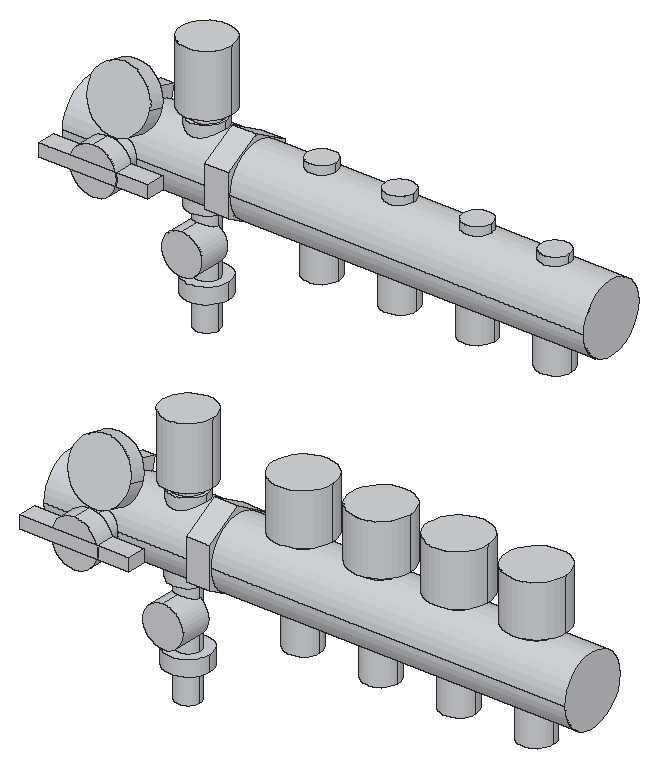
Revit family "318_dba5bdd3bf904ccfaea6eb69f10d76", category Pipe Accessories, Revit 2017
Family settings
  Round Connector Dimension = Use Diameter
  Part Type = Valve - Normal
  Work Plane-Based = No
  Always vertical = Yes
  Cut with Voids When Loaded = No
  Shared = No
Parameters (values of type "R553DK104")
  magi_piping_qv_2_4 [instance] = 0.0 L/s
  magi_piping_qv_2_3 [instance] = 0.0 L/s
  magi_piping_qv_2_2 [instance] = 0.0 L/s
  magi_piping_qv_2_1 [instance] = 0.0 L/s
  magi_piping_qv_1_4 [instance] = 0.0 L/s
  magi_piping_qv_1_3 [instance] = 0.0 L/s
  magi_piping_qv_1_2 [instance] = 0.0 L/s
  magi_piping_qv_1_1 [instance] = 0.0 L/s
  magi_piping_qv [instance] = 0.0 L/s
  magi_piping_power_4 [instance] = 0 W
  magi_piping_power_3 [instance] = 0 W
  magi_piping_power_2 [instance] = 0 W
  magi_piping_power_1 [instance] = 0 W
  magi_piping_kv_4 [instance] = 0
  magi_piping_kv_3 [instance] = 0
  magi_piping_kv_2 [instance] = 0
  magi_piping_kv_1 [instance] = 0
  magi_piping_dpTot_4 [instance] = 0.0 Pa
  magi_piping_dpTot_3 [instance] = 0.0 Pa
  magi_piping_dpTot_2 [instance] = 0.0 Pa
  magi_piping_dpTot_1 [instance] = 0.0 Pa
  magi_adjustmentValue_4 [instance] = ""
  magi_adjustmentValue_3 [instance] = ""
  magi_adjustmentValue_2 [instance] = ""
  magi_adjustmentValue_1 [instance] = ""
  magiProductId = "dba5bdd3bf904ccfaea6eb69f10d76"
  magiProductFamilyId = "dba5bdd3bf904ccfaea6eb69f10d76"
  magiProductCode = "R553DK104"
  magiPartTypeId = 318
  Y = 15 mm
  VersionID = "2.0/2016.10.37.0/GIACOMINI_R553DK_001"
  URL = "http://www.giacomini.com/en"
  SMP = 25 mm
  SBP9 = 18 mm
  SBP8 = 18 mm
  SBP7 = 18 mm
  SBP6 = 18 mm
  SBP5 = 18 mm
  SBP4 = 18 mm
  SBP3 = 18 mm
  SBP2 = 18 mm
  SBP12 = 18 mm
  SBP11 = 18 mm
  SBP10 = 18 mm
  SBP1 = 18 mm
  RMP = 25 mm
  RBP9 = 18 mm
  RBP8 = 18 mm
  RBP7 = 18 mm
  RBP6 = 18 mm
  RBP5 = 18 mm
  RBP4 = 18 mm
  RBP3 = 18 mm
  RBP2 = 18 mm
  RBP12 = 18 mm
  RBP11 = 18 mm
  RBP10 = 18 mm
  RBP1 = 18 mm
  R2 = 22 mm
  QmdConnectorList = "321;SMP;322;SBP1;323;SBP2;324;SBP3;325;SBP4;351;RMP;352;RBP1;353;RBP2;354;RBP3;355;RBP4"
  Productdata [instance] = "© Progman Oy, all rights reserved"
  N9 = no
  N8 = no
  N7 = no
  N6 = no
  N5 = no
  N4 = yes
  N3 = yes
  N12 = no
  N11 = no
  N10 = no
  Manufacturer = "Giacomini"
  MC_Default_elevation = 0 mm
  L = 335 mm
  I = 50 mm
  H5 = 33 mm
  H4 = 5 mm
  H3__ve = -H3  # -40 mm
  H3 = 40 mm
  H11 = 5 mm
  Flow supply main [instance] = Flow supply 1 + Flow supply 2 + Flow supply 3 + Flow supply 4  # 0.0 L/s
  Flow supply 4 [instance] = 0.0 L/s
  Flow supply 3 [instance] = 0.0 L/s
  Flow supply 2 [instance] = 0.0 L/s
  Flow supply 1 [instance] = 0.0 L/s
  Flow return main [instance] = Flow return 1 + Flow return 2 + Flow return 3 + Flow return 4  # 0.0 L/s
  Flow return 4 [instance] = 0.0 L/s
  Flow return 3 [instance] = 0.0 L/s
  Flow return 2 [instance] = 0.0 L/s
  Flow return 1 [instance] = 0.0 L/s
  E = 208 mm
  Description = "PREASSEMBLED MANIFOLD KIT"
  D5 = 38 mm
  D4 = 22 mm
  D31 = 18 mm
  D2 = 44 mm
  CAT0 = yes
  A = 149 mm
Reference planes
  plane 1 "Center (Front/Back)": y = 0
  plane 2 "XYPLANE": z = 0
  plane 3 "Center (Left/Right)": x = 0
  plane 4 "INIT_TEMP": y = 100
  plane 5 "379": x = 699
  plane 6 "378": x = 649
  plane 7 "377": x = 599
  plane 8 "376": x = 549
  plane 9 "375": x = 499
  plane 10 "374": x = 449
  plane 11 "373": x = 399
  plane 12 "372": x = 349
  plane 13 "371": x = 299
  plane 14 "369": x = 249
  plane 15 "368": x = 199
  plane 16 "367": x = 149
  plane 17 "366": z = 22
  plane 18 "365": z = 0
  plane 19 "364": z = -208
  plane 20 "363": y = -15
  plane 21 "362": y = 0
  plane 22 "361": x = 0
  plane 23 "360": z = -40
  plane 24 "359": z = -186
  plane 25 "358": z = -181
  plane 26 "357": z = -248
  plane 27 "356": x = 75
  plane 28 "355": z = 26
  plane 29 "354": x = 92
  plane 30 "353": z = 31
  plane 31 "352": z = -26
  plane 32 "351": z = -46
  plane 33 "350": z = -66
  plane 34 "349": z = 30
  plane 35 "348": x = 38
  plane 36 "347": y = -33
  plane 37 "346": z = 30
  plane 38 "345": y = -15
  plane 39 "344": z = -182
  plane 40 "343": z = -177
  plane 41 "342": z = -234
  plane 42 "341": z = -254
  plane 43 "340": z = -274
  plane 44 "339": z = -178
  plane 45 "338": y = -30
  plane 46 "337": z = -178
  plane 47 "336": y = -48
  plane 48 "1055": through (-712, 0, 30) normal (0, 0.2588, 0.9659)
  plane 49 "1056": through (-712, -15, 30) normal (0, -0.9659, 0.2588)
  plane 50 "1057": through (-712, -30, -178) normal (0, 0.9659, -0.2588)
  plane 51 "1058": through (-712, -15, -178) normal (0, -0.2588, -0.9659)
Forms (mm)
  Extrusion 1, solid, visible <- "N12"
    sketch origin (-750, 0, 22) x (1, 0, 0) y (0, 1, 0)
      loop
        circle (1449, 0) r 9
    from 0 to 5 <- "H11"
  Extrusion 2, solid, visible <- "N11"
    sketch origin (-750, 0, 22) x (1, 0, 0) y (0, 1, 0)
      loop
        circle (1399, 0) r 9
    from 0 to 5 <- "H11"
  Extrusion 3, solid, visible <- "N9"
    sketch origin (-750, 0, 22) x (1, 0, 0) y (0, 1, 0)
      loop
        circle (1299, 0) r 9
    from 0 to 5 <- "H11"
  Extrusion 4, solid, visible <- "N10"
    sketch origin (-750, 0, 22) x (1, 0, 0) y (0, 1, 0)
      loop
        circle (1349, 0) r 9
    from 0 to 5 <- "H11"
  Extrusion 5, solid, visible <- "N8"
    sketch origin (-750, 0, 22) x (1, 0, 0) y (0, 1, 0)
      loop
        circle (1249, 0) r 9
    from 0 to 5 <- "H11"
  Extrusion 6, solid, visible <- "N7"
    sketch origin (-750, 0, 22) x (1, 0, 0) y (0, 1, 0)
      loop
        circle (1199, 0) r 9
    from 0 to 5 <- "H11"
  Extrusion 7, solid, visible <- "N6"
    sketch origin (-750, 0, 22) x (1, 0, 0) y (0, 1, 0)
      loop
        circle (1149, 0) r 9
    from 0 to 5 <- "H11"
  Extrusion 8, solid, visible <- "N5"
    sketch origin (-750, 0, 22) x (1, 0, 0) y (0, 1, 0)
      loop
        circle (1099, 0) r 9
    from 0 to 5 <- "H11"
  Extrusion 9, solid, visible <- "N4"
    sketch origin (-750, 0, 22) x (1, 0, 0) y (0, 1, 0)
      loop
        circle (1049, 0) r 9
    from 0 to 5 <- "H11"
  Extrusion 10, solid, visible <- "N3"
    sketch origin (-750, 0, 22) x (1, 0, 0) y (0, 1, 0)
      loop
        circle (999, 0) r 9
    from 0 to 5 <- "H11"
  Extrusion 11, solid
    sketch origin (-750, 0, 22) x (1, 0, 0) y (0, 1, 0)
      loop
        circle (949, 0) r 9
    from 0 to 5 <- "H11"
  Extrusion 12, solid
    sketch origin (-750, 0, 22) x (1, 0, 0) y (0, 1, 0)
      loop
        circle (899, 0) r 9
    from 0 to 5 <- "H11"
  Extrusion 13, solid, visible <- "CAT0"
    sketch origin (0, -750, 0) x (0, 1, 0) y (0, 0, 1)
      loop
        circle (750, 0) r 22
    from 0 to 335 <- "L"
  Extrusion 14, solid
    sketch origin (-750, 0, 0) x (1, 0, 0) y (0, 1, 0)
      loop
        circle (899, 0) r 11
    from 0 to -40 <- "H3__ve"
  Extrusion 15, solid
    sketch origin (-750, 0, 0) x (1, 0, 0) y (0, 1, 0)
      loop
        circle (949, 0) r 11
    from 0 to -40 <- "H3__ve"
  Extrusion 16, solid, visible <- "N3"
    sketch origin (-750, 0, 0) x (1, 0, 0) y (0, 1, 0)
      loop
        circle (999, 0) r 11
    from 0 to -40 <- "H3__ve"
  Extrusion 17, solid, visible <- "N4"
    sketch origin (-750, 0, 0) x (1, 0, 0) y (0, 1, 0)
      loop
        circle (1049, 0) r 11
    from 0 to -40 <- "H3__ve"
  Extrusion 18, solid, visible <- "N5"
    sketch origin (-750, 0, 0) x (1, 0, 0) y (0, 1, 0)
      loop
        circle (1099, 0) r 11
    from 0 to -40 <- "H3__ve"
  Extrusion 19, solid, visible <- "N6"
    sketch origin (-750, 0, 0) x (1, 0, 0) y (0, 1, 0)
      loop
        circle (1149, 0) r 11
    from 0 to -40 <- "H3__ve"
  Extrusion 20, solid, visible <- "N7"
    sketch origin (-750, 0, 0) x (1, 0, 0) y (0, 1, 0)
      loop
        circle (1199, 0) r 11
    from 0 to -40 <- "H3__ve"
  Extrusion 21, solid, visible <- "N12"
    sketch origin (-750, 0, 0) x (1, 0, 0) y (0, 1, 0)
      loop
        circle (1449, 0) r 11
    from 0 to -40 <- "H3__ve"
  Extrusion 22, solid, visible <- "N11"
    sketch origin (-750, 0, 0) x (1, 0, 0) y (0, 1, 0)
      loop
        circle (1399, 0) r 11
    from 0 to -40 <- "H3__ve"
  Extrusion 23, solid, visible <- "N10"
    sketch origin (-750, 0, 0) x (1, 0, 0) y (0, 1, 0)
      loop
        circle (1349, 0) r 11
    from 0 to -40 <- "H3__ve"
  Extrusion 24, solid, visible <- "N9"
    sketch origin (-750, 0, 0) x (1, 0, 0) y (0, 1, 0)
      loop
        circle (1299, 0) r 11
    from 0 to -40 <- "H3__ve"
  Extrusion 25, solid, visible <- "N8"
    sketch origin (-750, 0, 0) x (1, 0, 0) y (0, 1, 0)
      loop
        circle (1249, 0) r 11
    from 0 to -40 <- "H3__ve"
  Extrusion 26, solid, visible <- "CAT0"
    sketch origin (0, -750, 0) x (0, 1, 0) y (0, 0, 1)
      loop
        circle (735, -208) r 22
    from 0 to 335 <- "L"
  Extrusion 27, solid
    sketch origin (-750, 0, -208) x (1, 0, 0) y (0, 1, 0)
      loop
        circle (949, -15) r 11
    from 0 to -40 <- "H3__ve"
  Extrusion 28, solid
    sketch origin (-750, 0, -208) x (1, 0, 0) y (0, 1, 0)
      loop
        circle (899, -15) r 11
    from 0 to -40 <- "H3__ve"
  Extrusion 29, solid, visible <- "N3"
    sketch origin (-750, 0, -208) x (1, 0, 0) y (0, 1, 0)
      loop
        circle (999, -15) r 11
    from 0 to -40 <- "H3__ve"
  Extrusion 30, solid
    sketch origin (-750, 0, -186) x (1, 0, 0) y (0, 1, 0)
      loop
        circle (899, -15) r 11
    from 0 to 5 <- "H4"
  Extrusion 31, solid
    sketch origin (-750, 0, -181) x (1, 0, 0) y (0, 1, 0)
      loop
        circle (899, -15) r 19
    from 0 to 33 <- "H5"
  Extrusion 32, solid
    sketch origin (-750, 0, -181) x (1, 0, 0) y (0, 1, 0)
      loop
        circle (949, -15) r 19
    from 0 to 33 <- "H5"
  Extrusion 33, solid
    sketch origin (-750, 0, -186) x (1, 0, 0) y (0, 1, 0)
      loop
        circle (949, -15) r 11
    from 0 to 5 <- "H4"
  Extrusion 34, solid, visible <- "N3"
    sketch origin (-750, 0, -186) x (1, 0, 0) y (0, 1, 0)
      loop
        circle (999, -15) r 11
    from 0 to 5 <- "H4"
  Extrusion 35, solid, visible <- "N3"
    sketch origin (-750, 0, -181) x (1, 0, 0) y (0, 1, 0)
      loop
        circle (999, -15) r 19
    from 0 to 33 <- "H5"
  Extrusion 36, solid, visible <- "N4"
    sketch origin (-750, 0, -181) x (1, 0, 0) y (0, 1, 0)
      loop
        circle (1049, -15) r 19
    from 0 to 33 <- "H5"
  Extrusion 37, solid, visible <- "N4"
    sketch origin (-750, 0, -186) x (1, 0, 0) y (0, 1, 0)
      loop
        circle (1049, -15) r 11
    from 0 to 5 <- "H4"
  Extrusion 38, solid, visible <- "N4"
    sketch origin (-750, 0, -208) x (1, 0, 0) y (0, 1, 0)
      loop
        circle (1049, -15) r 11
    from 0 to -40 <- "H3__ve"
  Extrusion 39, solid, visible <- "N5"
    sketch origin (-750, 0, -208) x (1, 0, 0) y (0, 1, 0)
      loop
        circle (1099, -15) r 11
    from 0 to -40 <- "H3__ve"
  Extrusion 40, solid, visible <- "N5"
    sketch origin (-750, 0, -186) x (1, 0, 0) y (0, 1, 0)
      loop
        circle (1099, -15) r 11
    from 0 to 5 <- "H4"
  Extrusion 41, solid, visible <- "N5"
    sketch origin (-750, 0, -181) x (1, 0, 0) y (0, 1, 0)
      loop
        circle (1099, -15) r 19
    from 0 to 33 <- "H5"
  Extrusion 42, solid, visible <- "N6"
    sketch origin (-750, 0, -181) x (1, 0, 0) y (0, 1, 0)
      loop
        circle (1149, -15) r 19
    from 0 to 33 <- "H5"
  Extrusion 43, solid, visible <- "N6"
    sketch origin (-750, 0, -186) x (1, 0, 0) y (0, 1, 0)
      loop
        circle (1149, -15) r 11
    from 0 to 5 <- "H4"
  Extrusion 44, solid, visible <- "N6"
    sketch origin (-750, 0, -208) x (1, 0, 0) y (0, 1, 0)
      loop
        circle (1149, -15) r 11
    from 0 to -40 <- "H3__ve"
  Extrusion 45, solid, visible <- "N7"
    sketch origin (-750, 0, -208) x (1, 0, 0) y (0, 1, 0)
      loop
        circle (1199, -15) r 11
    from 0 to -40 <- "H3__ve"
  Extrusion 46, solid, visible <- "N7"
    sketch origin (-750, 0, -186) x (1, 0, 0) y (0, 1, 0)
      loop
        circle (1199, -15) r 11
    from 0 to 5 <- "H4"
  Extrusion 47, solid, visible <- "N7"
    sketch origin (-750, 0, -181) x (1, 0, 0) y (0, 1, 0)
      loop
        circle (1199, -15) r 19
    from 0 to 33 <- "H5"
  Extrusion 48, solid, visible <- "N9"
    sketch origin (-750, 0, -181) x (1, 0, 0) y (0, 1, 0)
      loop
        circle (1299, -15) r 19
    from 0 to 33 <- "H5"
  Extrusion 49, solid, visible <- "N9"
    sketch origin (-750, 0, -186) x (1, 0, 0) y (0, 1, 0)
      loop
        circle (1299, -15) r 11
    from 0 to 5 <- "H4"
  Extrusion 50, solid, visible <- "N9"
    sketch origin (-750, 0, -208) x (1, 0, 0) y (0, 1, 0)
      loop
        circle (1299, -15) r 11
    from 0 to -40 <- "H3__ve"
  Extrusion 51, solid, visible <- "N8"
    sketch origin (-750, 0, -208) x (1, 0, 0) y (0, 1, 0)
      loop
        circle (1249, -15) r 11
    from 0 to -40 <- "H3__ve"
  Extrusion 52, solid, visible <- "N8"
    sketch origin (-750, 0, -186) x (1, 0, 0) y (0, 1, 0)
      loop
        circle (1249, -15) r 11
    from 0 to 5 <- "H4"
  Extrusion 53, solid, visible <- "N8"
    sketch origin (-750, 0, -181) x (1, 0, 0) y (0, 1, 0)
      loop
        circle (1249, -15) r 19
    from 0 to 33 <- "H5"
  Extrusion 54, solid, visible <- "N11"
    sketch origin (-750, 0, -181) x (1, 0, 0) y (0, 1, 0)
      loop
        circle (1399, -15) r 19
    from 0 to 33 <- "H5"
  Extrusion 55, solid, visible <- "N11"
    sketch origin (-750, 0, -186) x (1, 0, 0) y (0, 1, 0)
      loop
        circle (1399, -15) r 11
    from 0 to 5 <- "H4"
  Extrusion 56, solid, visible <- "N11"
    sketch origin (-750, 0, -208) x (1, 0, 0) y (0, 1, 0)
      loop
        circle (1399, -15) r 11
    from 0 to -40 <- "H3__ve"
  Extrusion 57, solid, visible <- "N12"
    sketch origin (-750, 0, -208) x (1, 0, 0) y (0, 1, 0)
      loop
        circle (1449, -15) r 11
    from 0 to -40 <- "H3__ve"
  Extrusion 58, solid, visible <- "N12"
    sketch origin (-750, 0, -186) x (1, 0, 0) y (0, 1, 0)
      loop
        circle (1449, -15) r 11
    from 0 to 5 <- "H4"
  Extrusion 59, solid, visible <- "N12"
    sketch origin (-750, 0, -181) x (1, 0, 0) y (0, 1, 0)
      loop
        circle (1449, -15) r 19
    from 0 to 33 <- "H5"
  Extrusion 60, solid, visible <- "N10"
    sketch origin (-750, 0, -181) x (1, 0, 0) y (0, 1, 0)
      loop
        circle (1349, -15) r 19
    from 0 to 33 <- "H5"
  Extrusion 61, solid, visible <- "N10"
    sketch origin (-750, 0, -186) x (1, 0, 0) y (0, 1, 0)
      loop
        circle (1349, -15) r 11
    from 0 to 5 <- "H4"
  Extrusion 62, solid, visible <- "N10"
    sketch origin (-750, 0, -208) x (1, 0, 0) y (0, 1, 0)
      loop
        circle (1349, -15) r 11
    from 0 to -40 <- "H3__ve"
  Extrusion 63, solid
    sketch origin (-750, 0, 26) x (1, 0, 0) y (0, 1, 0)
      loop
        circle (825, 0) r 12
    from 0 to -52
  Extrusion 64, solid
    sketch origin (92, -750, 0) x (0, 1, 0) y (0, 0, 1)
      loop
        line (750, 26) -> (727.483, 13) -> (727.483, -13) -> (750, -26) -> (772.517, -13) -> (772.517, 13) -> (750, 26)
    from 0 to 15
  Extrusion 65, solid
    sketch origin (-750, 0, 26) x (1, 0, 0) y (0, 1, 0)
      loop
        circle (825, 0) r 10
    from 0 to 5
  Extrusion 66, solid
    sketch origin (-750, 0, 31) x (1, 0, 0) y (0, 1, 0)
      loop
        circle (825, 0) r 16
    from 0 to 40
  Extrusion 67, solid
    sketch origin (-750, 0, -26) x (1, 0, 0) y (0, 1, 0)
      loop
        circle (825, 0) r 7.5
    from 0 to -70
  Extrusion 68, solid
    sketch origin (750, 0, 0) x (-1, 0, 0) y (0, 0, 1)
      loop
        circle (675, -46) r 13
    from 0 to -20
  Extrusion 69, solid
    sketch origin (-750, 0, -66) x (1, 0, 0) y (0, 1, 0)
      loop
        circle (825, 0) r 14
    from 0 to -10
  Extrusion 70, solid
    sketch origin (750, -33, 0) x (-1, 0, 0) y (0, 0, 1)
      loop
        circle (712, 0) r 15
    from 0 to -12
  Extrusion 71, solid
    sketch origin (-712, 0, 30) x (1, 0, 0) y (0, 0.965926, -0.258819)
      loop
        line (746, 15) -> (746, -15) -> (754, -15) -> (754, 15) -> (746, 15)
    from 0 to -18
  Extrusion 72, solid
    sketch origin (750, 0, 0) x (-1, 0, 0) y (0, 0, 1)
      loop
        circle (712, 0) r 9
    from 0 to -33
  Extrusion 73, solid
    sketch origin (750, -33, 0) x (-1, 0, 0) y (0, 0, 1)
      loop
        line (677, 4) -> (677, -4) -> (747, -4) -> (747, 4) -> (677, 4)
    from 0 to -12
  Extrusion 74, solid
    sketch origin (-712, -15, 30) x (1, 0, 0) y (0, 0.258819, 0.965926)
      loop
        circle (750, 0) r 20
    from 0 to 10
  Extrusion 75, solid
    sketch origin (-750, 0, -274) x (1, 0, 0) y (0, 1, 0)
      loop
        circle (825, -15) r 14
    from 0 to -10
  Extrusion 76, solid
    sketch origin (750, -15, 0) x (-1, 0, 0) y (0, 0, 1)
      loop
        circle (675, -254) r 13
    from 0 to -20
  Extrusion 77, solid
    sketch origin (-750, 0, -234) x (1, 0, 0) y (0, 1, 0)
      loop
        circle (825, -15) r 7.5
    from 0 to -70
  Extrusion 78, solid
    sketch origin (-750, 0, -177) x (1, 0, 0) y (0, 1, 0)
      loop
        circle (825, -15) r 16
    from 0 to 40
  Extrusion 79, solid
    sketch origin (-750, 0, -182) x (1, 0, 0) y (0, 1, 0)
      loop
        circle (825, -15) r 10
    from 0 to 5
  Extrusion 80, solid
    sketch origin (92, -750, 0) x (0, 1, 0) y (0, 0, 1)
      loop
        line (735, -182) -> (712.483, -195) -> (712.483, -221) -> (735, -234) -> (757.517, -221) -> (757.517, -195) -> (735, -182)
    from 0 to 15
  Extrusion 81, solid
    sketch origin (-750, 0, -182) x (1, 0, 0) y (0, 1, 0)
      loop
        circle (825, -15) r 12
    from 0 to -52
  Extrusion 82, solid
    sketch origin (-712, -30, -178) x (1, 0, 0) y (0, -0.258819, -0.965926)
      loop
        circle (750, 0) r 20
    from 0 to -10
  Extrusion 83, solid
    sketch origin (750, -48, 0) x (-1, 0, 0) y (0, 0, 1)
      loop
        line (677, -204) -> (677, -212) -> (747, -212) -> (747, -204) -> (677, -204)
    from 0 to -12
  Extrusion 84, solid
    sketch origin (750, -15, 0) x (-1, 0, 0) y (0, 0, 1)
      loop
        circle (712, -208) r 9
    from 0 to -33
  Extrusion 85, solid
    sketch origin (-712, -15, -178) x (1, 0, 0) y (0, -0.965926, 0.258819)
      loop
        line (746, -15) -> (754, -15) -> (754, 15) -> (746, 15) -> (746, -15)
    from 0 to 18
  Extrusion 86, solid
    sketch origin (750, -48, 0) x (-1, 0, 0) y (0, 0, 1)
      loop
        circle (712, -208) r 15
    from 0 to -12
  Extrusion 87, solid, not visible
    sketch origin (-750, 0, -40) x (1, 0, 0) y (0, 1, 0)
      loop
        circle (949, 0) r 10
    from 0 to 10
  Extrusion 88, solid, not visible
    sketch origin (-750, 0, -40) x (1, 0, 0) y (0, 1, 0)
      loop
        circle (899, 0) r 10
    from 0 to 10
  Extrusion 89, solid, not visible
    sketch origin (0, -750, 0) x (0, 1, 0) y (0, 0, 1)
      loop
        circle (735, -208) r 10
    from 0 to 10
  Extrusion 90, solid, not visible
    sketch origin (0, -750, 0) x (0, 1, 0) y (0, 0, 1)
      loop
        circle (750, 0) r 10
    from 0 to 10
  Extrusion 91, solid, not visible
    sketch origin (-750, 0, -40) x (1, 0, 0) y (0, 1, 0)
      loop
        circle (999, 0) r 10
    from 0 to 10
  Extrusion 92, solid, not visible
    sketch origin (-750, 0, -40) x (1, 0, 0) y (0, 1, 0)
      loop
        circle (1049, 0) r 10
    from 0 to 10
  Extrusion 93, solid, not visible
    sketch origin (-750, 0, -248) x (1, 0, 0) y (0, 1, 0)
      loop
        circle (999, -15) r 10
    from 0 to 10
  Extrusion 94, solid, not visible
    sketch origin (-750, 0, -248) x (1, 0, 0) y (0, 1, 0)
      loop
        circle (899, -15) r 10
    from 0 to 10
  Extrusion 95, solid, not visible
    sketch origin (-750, 0, -248) x (1, 0, 0) y (0, 1, 0)
      loop
        circle (949, -15) r 10
    from 0 to 10
  Extrusion 96, solid, not visible
    sketch origin (-750, 0, -248) x (1, 0, 0) y (0, 1, 0)
      loop
        circle (1049, -15) r 10
    from 0 to 10
Text (mm)
  text "© Progman Oy, all rights reserved" at (-472.209, -2482.653, 0), in view "Ref. Level"
Dimensions and locks
  plane 4 "INIT_TEMP" to plane 1 "Center (Front/Back)" = 100 mm
  "I": plane 6 "378" to plane 5 "379"
  "I": plane 7 "377" to plane 6 "378"
  "I": plane 8 "376" to plane 7 "377"
  "I": plane 9 "375" to plane 8 "376"
  "I": plane 10 "374" to plane 9 "375"
  "I": plane 11 "373" to plane 10 "374"
  "I": plane 12 "372" to plane 11 "373"
  "I": plane 13 "371" to plane 12 "372"
  "I": plane 14 "369" to plane 13 "371"
  "I": plane 15 "368" to plane 14 "369"
  "I": plane 16 "367" to plane 15 "368"
  "A": plane 3 "Center (Left/Right)" to plane 16 "367"
  "R2": plane 2 "XYPLANE" to plane 17 "366"
  locked: plane 2 "XYPLANE" to plane 18 "365"
  "E": plane 2 "XYPLANE" to plane 19 "364"
  "Y": plane 1 "Center (Front/Back)" to plane 20 "363"
  locked: plane 1 "Center (Front/Back)" to plane 21 "362"
  locked: plane 3 "Center (Left/Right)" to plane 22 "361"
  "H3": plane 2 "XYPLANE" to plane 23 "360"
  "R2": plane 19 "364" to plane 24 "359"
  "H4": plane 24 "359" to plane 25 "358"
  "H3": plane 19 "364" to plane 26 "357"
  locked: plane 3 "Center (Left/Right)" to plane 27 "356" at 75
  locked: plane 2 "XYPLANE" to plane 28 "355" at 26
  locked: plane 27 "356" to plane 29 "354" at 17
  locked: plane 28 "355" to plane 30 "353" at 5
  locked: plane 28 "355" to plane 31 "352" at 52
  locked: plane 31 "352" to plane 32 "351" at 20
  locked: plane 31 "352" to plane 33 "350" at 40
  locked: plane 2 "XYPLANE" to plane 34 "349" at 30
  locked: plane 3 "Center (Left/Right)" to plane 35 "348" at 38
  locked: plane 1 "Center (Front/Back)" to plane 36 "347" at 33
  locked: plane 2 "XYPLANE" to plane 37 "346" at 30
  locked: plane 1 "Center (Front/Back)" to plane 38 "345" at 15
  locked: plane 19 "364" to plane 39 "344" at 26
  locked: plane 39 "344" to plane 40 "343" at 5
  locked: plane 39 "344" to plane 41 "342" at 52
  locked: plane 41 "342" to plane 42 "341" at 20
  locked: plane 41 "342" to plane 43 "340" at 40
  locked: plane 19 "364" to plane 44 "339" at 30
  locked: plane 20 "363" to plane 45 "338" at 15
  locked: plane 19 "364" to plane 46 "337" at 30
  locked: plane 20 "363" to plane 47 "336" at 33
  "D31": diameter of Extrusion 1 sketch curve
  "D31": diameter of Extrusion 2 sketch curve
  "D31": diameter of Extrusion 3 sketch curve
  "D31": diameter of Extrusion 4 sketch curve
  "D31": diameter of Extrusion 5 sketch curve
  "D31": diameter of Extrusion 6 sketch curve
  "D31": diameter of Extrusion 7 sketch curve
  "D31": diameter of Extrusion 8 sketch curve
  "D31": diameter of Extrusion 9 sketch curve
  "D31": diameter of Extrusion 10 sketch curve
  "D31": diameter of Extrusion 11 sketch curve
  "D31": diameter of Extrusion 12 sketch curve
  "D2": diameter of Extrusion 13 sketch curve
  "D4": diameter of Extrusion 14 sketch curve
  "D4": diameter of Extrusion 15 sketch curve
  "D4": diameter of Extrusion 16 sketch curve
  "D4": diameter of Extrusion 17 sketch curve
  "D4": diameter of Extrusion 18 sketch curve
  "D4": diameter of Extrusion 19 sketch curve
  "D4": diameter of Extrusion 20 sketch curve
  "D4": diameter of Extrusion 21 sketch curve
  "D4": diameter of Extrusion 22 sketch curve
  "D4": diameter of Extrusion 23 sketch curve
  "D4": diameter of Extrusion 24 sketch curve
  "D4": diameter of Extrusion 25 sketch curve
  "D2": diameter of Extrusion 26 sketch curve
  "D4": diameter of Extrusion 27 sketch curve
  "D4": diameter of Extrusion 28 sketch curve
  "D4": diameter of Extrusion 29 sketch curve
  "D4": diameter of Extrusion 30 sketch curve
  "D5": diameter of Extrusion 31 sketch curve
  "D5": diameter of Extrusion 32 sketch curve
  "D4": diameter of Extrusion 33 sketch curve
  "D4": diameter of Extrusion 34 sketch curve
  "D5": diameter of Extrusion 35 sketch curve
  "D5": diameter of Extrusion 36 sketch curve
  "D4": diameter of Extrusion 37 sketch curve
  "D4": diameter of Extrusion 38 sketch curve
  "D4": diameter of Extrusion 39 sketch curve
  "D4": diameter of Extrusion 40 sketch curve
  "D5": diameter of Extrusion 41 sketch curve
  "D5": diameter of Extrusion 42 sketch curve
  "D4": diameter of Extrusion 43 sketch curve
  "D4": diameter of Extrusion 44 sketch curve
  "D4": diameter of Extrusion 45 sketch curve
  "D4": diameter of Extrusion 46 sketch curve
  "D5": diameter of Extrusion 47 sketch curve
  "D5": diameter of Extrusion 48 sketch curve
  "D4": diameter of Extrusion 49 sketch curve
  "D4": diameter of Extrusion 50 sketch curve
  "D4": diameter of Extrusion 51 sketch curve
  "D4": diameter of Extrusion 52 sketch curve
  "D5": diameter of Extrusion 53 sketch curve
  "D5": diameter of Extrusion 54 sketch curve
  "D4": diameter of Extrusion 55 sketch curve
  "D4": diameter of Extrusion 56 sketch curve
  "D4": diameter of Extrusion 57 sketch curve
  "D4": diameter of Extrusion 58 sketch curve
  "D5": diameter of Extrusion 59 sketch curve
  "D5": diameter of Extrusion 60 sketch curve
  "D4": diameter of Extrusion 61 sketch curve
  "D4": diameter of Extrusion 62 sketch curve
  aligned and locked: level to plane 2 "XYPLANE"
  aligned and locked: plane 5 "379" to Extrusion 1 sketch curve
  aligned and locked: plane 21 "362" to Extrusion 1 sketch curve
  aligned and locked: plane 6 "378" to Extrusion 2 sketch curve
  aligned and locked: plane 21 "362" to Extrusion 2 sketch curve
  aligned and locked: plane 8 "376" to Extrusion 3 sketch curve
  aligned and locked: plane 21 "362" to Extrusion 3 sketch curve
  aligned and locked: plane 7 "377" to Extrusion 4 sketch curve
  aligned and locked: plane 21 "362" to Extrusion 4 sketch curve
  aligned and locked: plane 9 "375" to Extrusion 5 sketch curve
  aligned and locked: plane 21 "362" to Extrusion 5 sketch curve
  aligned and locked: plane 10 "374" to Extrusion 6 sketch curve
  aligned and locked: plane 21 "362" to Extrusion 6 sketch curve
  aligned and locked: plane 11 "373" to Extrusion 7 sketch curve
  aligned and locked: plane 21 "362" to Extrusion 7 sketch curve
  aligned and locked: plane 12 "372" to Extrusion 8 sketch curve
  aligned and locked: plane 21 "362" to Extrusion 8 sketch curve
  aligned and locked: plane 13 "371" to Extrusion 9 sketch curve
  aligned and locked: plane 21 "362" to Extrusion 9 sketch curve
  aligned and locked: plane 14 "369" to Extrusion 10 sketch curve
  aligned and locked: plane 21 "362" to Extrusion 10 sketch curve
  aligned and locked: plane 15 "368" to Extrusion 11 sketch curve
  aligned and locked: plane 21 "362" to Extrusion 11 sketch curve
  aligned and locked: plane 16 "367" to Extrusion 12 sketch curve
  aligned and locked: plane 21 "362" to Extrusion 12 sketch curve
  aligned and locked: plane 18 "365" to Extrusion 13 sketch curve
  aligned and locked: Extrusion 13 sketch curve to plane 21 "362"
  aligned and locked: plane 16 "367" to Extrusion 14 sketch curve
  aligned and locked: plane 21 "362" to Extrusion 14 sketch curve
  aligned and locked: plane 15 "368" to Extrusion 15 sketch curve
  aligned and locked: plane 21 "362" to Extrusion 15 sketch curve
  aligned and locked: plane 14 "369" to Extrusion 16 sketch curve
  aligned and locked: plane 21 "362" to Extrusion 16 sketch curve
  aligned and locked: plane 13 "371" to Extrusion 17 sketch curve
  aligned and locked: plane 21 "362" to Extrusion 17 sketch curve
  aligned and locked: plane 12 "372" to Extrusion 18 sketch curve
  aligned and locked: plane 21 "362" to Extrusion 18 sketch curve
  aligned and locked: plane 11 "373" to Extrusion 19 sketch curve
  aligned and locked: plane 21 "362" to Extrusion 19 sketch curve
  aligned and locked: plane 10 "374" to Extrusion 20 sketch curve
  aligned and locked: plane 21 "362" to Extrusion 20 sketch curve
  aligned and locked: plane 5 "379" to Extrusion 21 sketch curve
  aligned and locked: plane 21 "362" to Extrusion 21 sketch curve
  aligned and locked: plane 6 "378" to Extrusion 22 sketch curve
  aligned and locked: plane 21 "362" to Extrusion 22 sketch curve
  aligned and locked: plane 7 "377" to Extrusion 23 sketch curve
  aligned and locked: plane 21 "362" to Extrusion 23 sketch curve
  aligned and locked: plane 8 "376" to Extrusion 24 sketch curve
  aligned and locked: plane 21 "362" to Extrusion 24 sketch curve
  aligned and locked: plane 9 "375" to Extrusion 25 sketch curve
  aligned and locked: plane 21 "362" to Extrusion 25 sketch curve
  aligned and locked: plane 19 "364" to Extrusion 26 sketch curve
  aligned and locked: Extrusion 26 sketch curve to plane 20 "363"
  aligned and locked: plane 15 "368" to Extrusion 27 sketch curve
  aligned and locked: plane 20 "363" to Extrusion 27 sketch curve
  aligned and locked: plane 16 "367" to Extrusion 28 sketch curve
  aligned and locked: plane 20 "363" to Extrusion 28 sketch curve
  aligned and locked: plane 14 "369" to Extrusion 29 sketch curve
  aligned and locked: plane 20 "363" to Extrusion 29 sketch curve
  aligned and locked: plane 16 "367" to Extrusion 30 sketch curve
  aligned and locked: plane 20 "363" to Extrusion 30 sketch curve
  aligned and locked: plane 16 "367" to Extrusion 31 sketch curve
  aligned and locked: plane 20 "363" to Extrusion 31 sketch curve
  aligned and locked: plane 15 "368" to Extrusion 32 sketch curve
  aligned and locked: plane 20 "363" to Extrusion 32 sketch curve
  aligned and locked: plane 15 "368" to Extrusion 33 sketch curve
  aligned and locked: plane 20 "363" to Extrusion 33 sketch curve
  aligned and locked: plane 14 "369" to Extrusion 34 sketch curve
  aligned and locked: plane 20 "363" to Extrusion 34 sketch curve
  aligned and locked: plane 14 "369" to Extrusion 35 sketch curve
  aligned and locked: plane 20 "363" to Extrusion 35 sketch curve
  aligned and locked: plane 13 "371" to Extrusion 36 sketch curve
  aligned and locked: plane 20 "363" to Extrusion 36 sketch curve
  aligned and locked: plane 13 "371" to Extrusion 37 sketch curve
  aligned and locked: plane 20 "363" to Extrusion 37 sketch curve
  aligned and locked: plane 13 "371" to Extrusion 38 sketch curve
  aligned and locked: plane 20 "363" to Extrusion 38 sketch curve
  aligned and locked: plane 12 "372" to Extrusion 39 sketch curve
  aligned and locked: plane 20 "363" to Extrusion 39 sketch curve
  aligned and locked: plane 12 "372" to Extrusion 40 sketch curve
  aligned and locked: plane 20 "363" to Extrusion 40 sketch curve
  aligned and locked: plane 12 "372" to Extrusion 41 sketch curve
  aligned and locked: plane 20 "363" to Extrusion 41 sketch curve
  aligned and locked: plane 11 "373" to Extrusion 42 sketch curve
  aligned and locked: plane 20 "363" to Extrusion 42 sketch curve
  aligned and locked: plane 11 "373" to Extrusion 43 sketch curve
  aligned and locked: plane 20 "363" to Extrusion 43 sketch curve
  aligned and locked: plane 11 "373" to Extrusion 44 sketch curve
  aligned and locked: plane 20 "363" to Extrusion 44 sketch curve
  aligned and locked: plane 10 "374" to Extrusion 45 sketch curve
  aligned and locked: plane 20 "363" to Extrusion 45 sketch curve
  aligned and locked: plane 10 "374" to Extrusion 46 sketch curve
  aligned and locked: plane 20 "363" to Extrusion 46 sketch curve
  aligned and locked: plane 10 "374" to Extrusion 47 sketch curve
  aligned and locked: plane 20 "363" to Extrusion 47 sketch curve
  aligned and locked: plane 8 "376" to Extrusion 48 sketch curve
  aligned and locked: plane 20 "363" to Extrusion 48 sketch curve
  aligned and locked: plane 8 "376" to Extrusion 49 sketch curve
  aligned and locked: plane 20 "363" to Extrusion 49 sketch curve
  aligned and locked: plane 8 "376" to Extrusion 50 sketch curve
  aligned and locked: plane 20 "363" to Extrusion 50 sketch curve
  aligned and locked: plane 9 "375" to Extrusion 51 sketch curve
  aligned and locked: plane 20 "363" to Extrusion 51 sketch curve
  aligned and locked: plane 9 "375" to Extrusion 52 sketch curve
  aligned and locked: plane 20 "363" to Extrusion 52 sketch curve
  aligned and locked: plane 9 "375" to Extrusion 53 sketch curve
  aligned and locked: plane 20 "363" to Extrusion 53 sketch curve
  aligned and locked: plane 6 "378" to Extrusion 54 sketch curve
  aligned and locked: plane 20 "363" to Extrusion 54 sketch curve
  aligned and locked: plane 6 "378" to Extrusion 55 sketch curve
  aligned and locked: plane 20 "363" to Extrusion 55 sketch curve
  aligned and locked: plane 6 "378" to Extrusion 56 sketch curve
  aligned and locked: plane 20 "363" to Extrusion 56 sketch curve
  aligned and locked: plane 5 "379" to Extrusion 57 sketch curve
  aligned and locked: plane 20 "363" to Extrusion 57 sketch curve
  aligned and locked: plane 5 "379" to Extrusion 58 sketch curve
  aligned and locked: plane 20 "363" to Extrusion 58 sketch curve
  aligned and locked: plane 5 "379" to Extrusion 59 sketch curve
  aligned and locked: plane 20 "363" to Extrusion 59 sketch curve
  aligned and locked: plane 7 "377" to Extrusion 60 sketch curve
  aligned and locked: plane 20 "363" to Extrusion 60 sketch curve
  aligned and locked: plane 7 "377" to Extrusion 61 sketch curve
  aligned and locked: plane 20 "363" to Extrusion 61 sketch curve
  aligned and locked: plane 7 "377" to Extrusion 62 sketch curve
  aligned and locked: plane 20 "363" to Extrusion 62 sketch curve
  aligned and locked: plane 21 "362" to Extrusion 63 sketch curve
  aligned and locked: plane 27 "356" to Extrusion 63 sketch curve
  aligned and locked: plane 21 "362" to Extrusion 65 sketch curve
  aligned and locked: plane 27 "356" to Extrusion 65 sketch curve
  aligned and locked: plane 21 "362" to Extrusion 66 sketch curve
  aligned and locked: plane 27 "356" to Extrusion 66 sketch curve
  aligned and locked: plane 21 "362" to Extrusion 67 sketch curve
  aligned and locked: plane 27 "356" to Extrusion 67 sketch curve
  aligned and locked: plane 27 "356" to Extrusion 68 sketch curve
  aligned and locked: plane 32 "351" to Extrusion 68 sketch curve
  aligned and locked: plane 21 "362" to Extrusion 69 sketch curve
  aligned and locked: plane 27 "356" to Extrusion 69 sketch curve
  aligned and locked: plane 18 "365" to Extrusion 70 sketch curve
  aligned and locked: plane 35 "348" to Extrusion 70 sketch curve
  aligned and locked: plane 18 "365" to Extrusion 72 sketch curve
  aligned and locked: plane 35 "348" to Extrusion 72 sketch curve
  aligned and locked: plane 35 "348" to Extrusion 74 sketch curve
  aligned and locked: plane 20 "363" to Extrusion 75 sketch curve
  aligned and locked: plane 27 "356" to Extrusion 75 sketch curve
  aligned and locked: plane 27 "356" to Extrusion 76 sketch curve
  aligned and locked: plane 42 "341" to Extrusion 76 sketch curve
  aligned and locked: plane 20 "363" to Extrusion 77 sketch curve
  aligned and locked: plane 27 "356" to Extrusion 77 sketch curve
  aligned and locked: plane 20 "363" to Extrusion 78 sketch curve
  aligned and locked: plane 27 "356" to Extrusion 78 sketch curve
  aligned and locked: plane 20 "363" to Extrusion 79 sketch curve
  aligned and locked: plane 27 "356" to Extrusion 79 sketch curve
  aligned and locked: plane 20 "363" to Extrusion 81 sketch curve
  aligned and locked: plane 27 "356" to Extrusion 81 sketch curve
  aligned and locked: plane 35 "348" to Extrusion 82 sketch curve
  aligned and locked: plane 19 "364" to Extrusion 84 sketch curve
  aligned and locked: plane 35 "348" to Extrusion 84 sketch curve
  aligned and locked: plane 19 "364" to Extrusion 86 sketch curve
  aligned and locked: plane 35 "348" to Extrusion 86 sketch curve
  aligned and locked: plane 15 "368" to Extrusion 87 sketch curve
  aligned and locked: plane 21 "362" to Extrusion 87 sketch curve
  aligned and locked: plane 16 "367" to Extrusion 88 sketch curve
  aligned and locked: plane 21 "362" to Extrusion 88 sketch curve
  aligned and locked: plane 19 "364" to Extrusion 89 sketch curve
  aligned and locked: Extrusion 89 sketch curve to plane 20 "363"
  aligned and locked: plane 18 "365" to Extrusion 90 sketch curve
  aligned and locked: Extrusion 90 sketch curve to plane 21 "362"
  aligned and locked: plane 14 "369" to Extrusion 91 sketch curve
  aligned and locked: plane 21 "362" to Extrusion 91 sketch curve
  aligned and locked: plane 13 "371" to Extrusion 92 sketch curve
  aligned and locked: plane 21 "362" to Extrusion 92 sketch curve
  aligned and locked: plane 14 "369" to Extrusion 93 sketch curve
  aligned and locked: plane 20 "363" to Extrusion 93 sketch curve
  aligned and locked: plane 16 "367" to Extrusion 94 sketch curve
  aligned and locked: plane 20 "363" to Extrusion 94 sketch curve
  aligned and locked: plane 15 "368" to Extrusion 95 sketch curve
  aligned and locked: plane 20 "363" to Extrusion 95 sketch curve
  aligned and locked: plane 13 "371" to Extrusion 96 sketch curve
  aligned and locked: plane 20 "363" to Extrusion 96 sketch curve
Automatic sketch dimensions
  Extrusion 63 sketch curve to plane 27 "356" = 12 mm
  Extrusion 64 sketch curve to plane 1 "Center (Front/Back)" = 0 mm  (x2)
  Extrusion 64 sketch curve to plane 31 "352" = 0 mm
  Extrusion 64 sketch curve to plane 28 "355" = 0 mm
  plane 45 "338" to Extrusion 64 sketch curve = 7.483 mm
  Extrusion 64 sketch curve to plane 17 "366" = 9 mm  (x2)
  Extrusion 64 sketch curve to plane 1 "Center (Front/Back)" = 22.517 mm
  Extrusion 64 sketch curve to level = 13 mm  (x2)
  Extrusion 65 sketch curve to plane 27 "356" = 10 mm
  Extrusion 66 sketch curve to plane 27 "356" = 16 mm
  Extrusion 67 sketch curve to plane 27 "356" = 7.5 mm
  plane 33 "350" to Extrusion 68 sketch curve = 7 mm
  Extrusion 69 sketch curve to plane 27 "356" = 14 mm
  plane 31 "352" to Extrusion 70 sketch curve = 11 mm
  Extrusion 71 sketch curve to plane 35 "348" = 4 mm
  plane 49 "1056" to Extrusion 71 sketch curve = 0.511 mm
  plane 35 "348" to Extrusion 71 sketch curve = 4 mm
  Extrusion 71 sketch curve to plane 50 "1057" = 9.857 mm
  Extrusion 72 sketch curve to level = 9 mm
  Extrusion 73 sketch curve to plane 27 "356" = 2 mm
  plane 3 "Center (Left/Right)" to Extrusion 73 sketch curve = 3 mm
  Extrusion 73 sketch curve to level = 4 mm
  level to Extrusion 73 sketch curve = 4 mm
  Extrusion 74 sketch curve to plane 48 "1055" = 3.882 mm
  plane 3 "Center (Left/Right)" to Extrusion 74 sketch curve = 18 mm
  Extrusion 75 sketch curve to plane 27 "356" = 14 mm
  plane 43 "340" to Extrusion 76 sketch curve = 7 mm
  Extrusion 77 sketch curve to plane 27 "356" = 7.5 mm
  Extrusion 78 sketch curve to plane 27 "356" = 16 mm
  Extrusion 79 sketch curve to plane 27 "356" = 10 mm
  Extrusion 80 sketch curve to plane 20 "363" = 0 mm  (x2)
  Extrusion 80 sketch curve to plane 41 "342" = 0 mm
  Extrusion 80 sketch curve to plane 39 "344" = 0 mm
  Extrusion 80 sketch curve to plane 36 "347" = 4.517 mm
  Extrusion 80 sketch curve to plane 1 "Center (Front/Back)" = 7.517 mm
  Extrusion 80 sketch curve to plane 19 "364" = 13 mm  (x2)
  Extrusion 80 sketch curve to plane 24 "359" = 9 mm  (x2)
  Extrusion 81 sketch curve to plane 27 "356" = 12 mm
  plane 51 "1058" to Extrusion 82 sketch curve = 3.882 mm
  plane 3 "Center (Left/Right)" to Extrusion 82 sketch curve = 18 mm
  Extrusion 83 sketch curve to plane 27 "356" = 2 mm
  plane 3 "Center (Left/Right)" to Extrusion 83 sketch curve = 3 mm
  Extrusion 83 sketch curve to plane 19 "364" = 4 mm
  plane 19 "364" to Extrusion 83 sketch curve = 4 mm
  Extrusion 84 sketch curve to plane 19 "364" = 9 mm
  Extrusion 85 sketch curve to plane 35 "348" = 4 mm
  Extrusion 85 sketch curve to plane 50 "1057" = 0.511 mm
  plane 35 "348" to Extrusion 85 sketch curve = 4 mm
  plane 50 "1057" to Extrusion 85 sketch curve = 29.489 mm
  plane 41 "342" to Extrusion 86 sketch curve = 11 mm
  plane 20 "363" to Extrusion 87 sketch curve = 5 mm
  plane 20 "363" to Extrusion 88 sketch curve = 5 mm
  plane 45 "338" to Extrusion 89 sketch curve = 5 mm
  plane 20 "363" to Extrusion 90 sketch curve = 5 mm
  plane 20 "363" to Extrusion 91 sketch curve = 5 mm
  plane 20 "363" to Extrusion 92 sketch curve = 5 mm
  plane 45 "338" to Extrusion 93 sketch curve = 5 mm
  plane 45 "338" to Extrusion 94 sketch curve = 5 mm
  plane 45 "338" to Extrusion 95 sketch curve = 5 mm
  plane 45 "338" to Extrusion 96 sketch curve = 5 mm
Connectors
  piping at (0, 0, 0), diameter 25, driven by "Flow supply main", driven by "SMP"
    settings: on Extrusion 90, index 1, connector inside diameter 609.6 mm, connector length 0 mm, flow factor 0, pipe flow 0.0 L/s, pressure drop 0.0 Pa, fitting loss kfactor 0, connector angle 0.00°, fixture units 0, engagement length 0 mm, angle of deflection 0.00°, flow configuration 1, flow direction 1, fitting loss method 0, system type 7, joint type 0, gender type 0, connector reference index -1, connector utility 0, adjustable connector no, is connector primary yes, connector description "Main_1_1"
  piping at (149, 0, -40), diameter 18, driven by "Flow supply 1", driven by "SBP1"
    settings: on Extrusion 88, index 2, connector inside diameter 609.6 mm, connector length 0 mm, flow factor 0, pipe flow 0.0 L/s, pressure drop 0.0 Pa, fitting loss kfactor 0, connector angle 0.00°, fixture units 0, engagement length 0 mm, angle of deflection 0.00°, flow configuration 0, flow direction 2, fitting loss method 0, system type 7, joint type 0, gender type 0, connector reference index -1, connector utility 0, adjustable connector no, is connector primary no, connector description "Branch_1_1"
  piping at (199, 0, -40), diameter 18, driven by "Flow supply 2", driven by "SBP2"
    settings: on Extrusion 87, index 3, connector inside diameter 609.6 mm, connector length 0 mm, flow factor 0, pipe flow 0.0 L/s, pressure drop 0.0 Pa, fitting loss kfactor 0, connector angle 0.00°, fixture units 0, engagement length 0 mm, angle of deflection 0.00°, flow configuration 0, flow direction 2, fitting loss method 0, system type 7, joint type 0, gender type 0, connector reference index -1, connector utility 0, adjustable connector no, is connector primary no, connector description "Branch_1_2"
  piping at (249, 0, -40), diameter 18, driven by "Flow supply 3", driven by "SBP3"
    settings: on Extrusion 91, index 4, connector inside diameter 609.6 mm, connector length 0 mm, flow factor 0, pipe flow 0.0 L/s, pressure drop 0.0 Pa, fitting loss kfactor 0, connector angle 0.00°, fixture units 0, engagement length 0 mm, angle of deflection 0.00°, flow configuration 0, flow direction 2, fitting loss method 0, system type 7, joint type 0, gender type 0, connector reference index -1, connector utility 0, adjustable connector no, is connector primary no, connector description "Branch_1_3"
  piping at (299, 0, -40), diameter 18, driven by "Flow supply 4", driven by "SBP4"
    settings: on Extrusion 92, index 5, connector inside diameter 609.6 mm, connector length 0 mm, flow factor 0, pipe flow 0.0 L/s, pressure drop 0.0 Pa, fitting loss kfactor 0, connector angle 0.00°, fixture units 0, engagement length 0 mm, angle of deflection 0.00°, flow configuration 0, flow direction 2, fitting loss method 0, system type 7, joint type 0, gender type 0, connector reference index -1, connector utility 0, adjustable connector no, is connector primary no, connector description "Branch_1_4"
  piping at (0, -15, -208), diameter 25, driven by "Flow return main", driven by "RMP"
    settings: on Extrusion 89, index 6, connector inside diameter 609.6 mm, connector length 0 mm, flow factor 0, pipe flow 0.0 L/s, pressure drop 0.0 Pa, fitting loss kfactor 0, connector angle 0.00°, fixture units 0, engagement length 0 mm, angle of deflection 0.00°, flow configuration 1, flow direction 2, fitting loss method 0, system type 8, joint type 0, gender type 0, connector reference index -1, connector utility 0, adjustable connector no, is connector primary no, connector description "Main_2_1"
  piping at (149, -15, -248), diameter 18, driven by "Flow return 1", driven by "RBP1"
    settings: on Extrusion 94, index 7, connector inside diameter 609.6 mm, connector length 0 mm, flow factor 0, pipe flow 0.0 L/s, pressure drop 0.0 Pa, fitting loss kfactor 0, connector angle 0.00°, fixture units 0, engagement length 0 mm, angle of deflection 0.00°, flow configuration 0, flow direction 1, fitting loss method 0, system type 8, joint type 0, gender type 0, connector reference index -1, connector utility 0, adjustable connector no, is connector primary no, connector description "Branch_2_1"
  piping at (199, -15, -248), diameter 18, driven by "Flow return 2", driven by "RBP2"
    settings: on Extrusion 95, index 8, connector inside diameter 609.6 mm, connector length 0 mm, flow factor 0, pipe flow 0.0 L/s, pressure drop 0.0 Pa, fitting loss kfactor 0, connector angle 0.00°, fixture units 0, engagement length 0 mm, angle of deflection 0.00°, flow configuration 0, flow direction 1, fitting loss method 0, system type 8, joint type 0, gender type 0, connector reference index -1, connector utility 0, adjustable connector no, is connector primary no, connector description "Branch_2_2"
  piping at (249, -15, -248), diameter 18, driven by "Flow return 3", driven by "RBP3"
    settings: on Extrusion 93, index 9, connector inside diameter 609.6 mm, connector length 0 mm, flow factor 0, pipe flow 0.0 L/s, pressure drop 0.0 Pa, fitting loss kfactor 0, connector angle 0.00°, fixture units 0, engagement length 0 mm, angle of deflection 0.00°, flow configuration 0, flow direction 1, fitting loss method 0, system type 8, joint type 0, gender type 0, connector reference index -1, connector utility 0, adjustable connector no, is connector primary no, connector description "Branch_2_3"
  piping at (299, -15, -248), diameter 18, driven by "Flow return 4", driven by "RBP4"
    settings: on Extrusion 96, index 10, connector inside diameter 609.6 mm, connector length 0 mm, flow factor 0, pipe flow 0.0 L/s, pressure drop 0.0 Pa, fitting loss kfactor 0, connector angle 0.00°, fixture units 0, engagement length 0 mm, angle of deflection 0.00°, flow configuration 0, flow direction 1, fitting loss method 0, system type 8, joint type 0, gender type 0, connector reference index -1, connector utility 0, adjustable connector no, is connector primary no, connector description "Branch_2_4"
